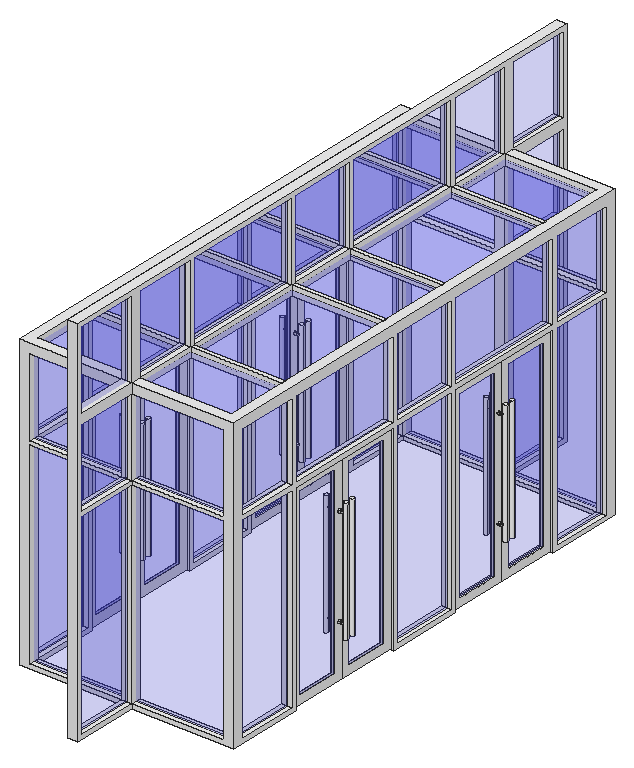
Revit family
Parameters (values of type "Vestibule-2")
  핸들 = 상자 핸들
  프레임 = ""
  2프레임 = 상자 프레임
  모서리 = 상자 모서리
  철물 = ""
  Assembly Code = ""
  유리/마감 = ""
  유리 = 상자 유리
  위치/개소 = ""
  부호 = "2/AD"
  문번호 = "2"
  문기호 = "AD"
Reference planes
  plane 1 "중심(앞/뒤)": y = -200
  plane 2: z = 0
  plane 3 "중심(왼쪽/오른쪽)": x = 96.47
  plane 4: x = -1506.53
  plane 5: z = 5500
  plane 6: x = -1506.53
  plane 7: x = -1300.224
  plane 8: y = 3300
  plane 9: y = -3700.179
  plane 10: z = 60
  plane 11: z = 2940
  plane 12: z = 3000
  plane 13: z = 4145
  plane 14: z = 4295
  plane 15: z = 5440
  plane 16: z = 2020
  plane 17: z = 1960
  plane 18: y = 3150
  plane 19: x = -1403.377
  plane 20: x = -1328.377
  plane 21: x = -1478.377
  plane 22: x = -1390.877
  plane 23: x = -1415.877
  plane 24: y = -3549.948
  plane 25: y = 2167
  plane 26: y = 367
  plane 27: y = -2567
  plane 28: y = -767
  plane 29: x = 1699.47
  plane 30: x = 126.47
  plane 31: x = 66.47
  plane 32: y = 3225
  plane 33: y = 3237.5
  plane 34: y = 3212.5
  plane 35: z = 980
  plane 36: z = 1040
  plane 37: y = 4300
  plane 38: y = -4700
  plane 39: x = 1596.317
  plane 40: x = 1671.317
  plane 41: x = 1521.317
  plane 42: x = 1608.817
  plane 43: x = 1583.817
  plane 44: y = 4240
  plane 45: y = -3637.563
  plane 46: y = -3612.563
  plane 47: y = -3625.063
  plane 48: z = 5470
  plane 49: z = 4220
  plane 50: z = 2970
  plane 51: y = -707.421
  plane 52: y = -1667
  plane 53: y = -1607
  plane 54: y = -1727
  plane 55: y = -1607
  plane 56: y = -1726.85
  plane 57: x = 21.47
  plane 58: x = 171.47
  plane 59: z = 5800
  plane 60: y = -5000
  plane 61: z = -300
  plane 62: y = 4600
Forms (mm)
  Extrusion 1, solid, material "상자 프레임" <- "2프레임"
    sketch origin (0, -15, 0) x (1, 0, 0) y (0, 1, 0)
      loop
        line (-1478.377, 3165) -> (-1328.377, 3165) -> (-1328.377, 3315.295) -> (-1478.377, 3315.295) -> (-1478.377, 3165)
      loop
        line (-1478.377, 324.421) -> (-1328.377, 324.421) -> (-1328.377, 382) -> (-1478.377, 382) -> (-1478.377, 324.421)
      loop
        line (-1478.377, 2182) -> (-1328.377, 2182) -> (-1328.377, 2242) -> (-1478.377, 2242) -> (-1478.377, 2182)
    from 0 to 4145
  Extrusion 2, solid, material "상자 프레임" <- "2프레임"
    sketch origin (0, 0, 0) x (1, 0, 0) y (0, 1, 0)
      loop
        line (-1478.377, 3300.295) -> (-1478.377, 2167) -> (-1328.377, 2167) -> (-1328.377, 3300.295) -> (-1478.377, 3300.295)
      loop
        line (-1478.377, -707.421) -> (-1328.377, -707.421) -> (-1328.377, 367) -> (-1478.377, 367) -> (-1478.377, -707.421)
    from 0 to 60
  Extrusion 3, solid, material "상자 프레임" <- "2프레임"
    sketch origin (0, 0, 0) x (1, 0, 0) y (0, 1, 0)
      loop
        line (-1478.377, 3300) -> (-1478.377, -3549.948) -> (-1328.377, -3549.948) -> (-1328.377, 3300) -> (-1478.377, 3300)
    from 2940 to 3000
  Extrusion 4, solid, material "상자 프레임" <- "2프레임"
    sketch origin (0, 0, 0) x (1, 0, 0) y (0, 1, 0)
      loop
        line (-1478.377, 3300) -> (-1478.377, -3549.948) -> (-1328.377, -3549.948) -> (-1328.377, 3300) -> (-1478.377, 3300)
    from 4144.993 to 4295
  Extrusion 5, solid, material "상자 유리" <- "유리"
    sketch origin (0, 0, 0) x (1, 0, 0) y (0, 1, 0)
      loop
        line (-1415.877, 2227) -> (-1390.877, 2227) -> (-1390.877, 3150) -> (-1415.877, 3150) -> (-1415.877, 2227)
      loop
        line (-1415.877, -707.421) -> (-1390.877, -707.421) -> (-1390.877, 309.421) -> (-1415.877, 309.421) -> (-1415.877, -707.421)
    from 60 to 2940
  Extrusion 6, solid, material "상자 유리" <- "유리"
    sketch origin (0, -920, 0) x (1, 0, 0) y (0, 1, 0)
      loop
        line (-1415.877, 1287) -> (-1390.877, 1287) -> (-1390.877, 2187.145) -> (-1415.877, 2187.145) -> (-1415.877, 1287)
    from 0 to 2940
  Extrusion 7, solid, material "상자 유리" <- "유리"
    sketch origin (0, -49.855, 0) x (1, 0, 0) y (0, 1, 0)
      loop
        line (-1415.877, 1317) -> (-1390.877, 1317) -> (-1390.877, 2217.145) -> (-1415.877, 2217.145) -> (-1415.877, 1317)
    from 0 to 2940
  Extrusion 8, solid, material "상자 유리" <- "유리"
    sketch origin (0, 0, 0) x (1, 0, 0) y (0, 1, 0)
      loop
        line (-1415.877, 2227) -> (-1390.877, 2227) -> (-1390.877, 3150) -> (-1415.877, 3150) -> (-1415.877, 2227)
      loop
        line (-1415.877, 367) -> (-1390.877, 367) -> (-1390.877, 2167) -> (-1415.877, 2167) -> (-1415.877, 367)
      loop
        line (-1415.877, -707.421) -> (-1390.877, -707.421) -> (-1390.877, 309.421) -> (-1415.877, 309.421) -> (-1415.877, -707.421)
    from 3000 to 4145
  Extrusion 9, solid, material "상자 핸들" <- "핸들"
    sketch origin (-1328.377, 3825.814, 34.492) x (0, -1, 0) y (0, 0, -1)
      loop
        circle (2493.69, -760.508) r 15
    from -47.5 to 0
  Extrusion 10, solid, material "상자 핸들" <- "핸들"
    sketch origin (-1328.377, 3704.125, 34.492) x (0, -1, 0) y (0, 0, -1)
      loop
        circle (2493.69, -760.508) r 15
    from -47.5 to 0
  Sweep 11, solid, material "상자 모서리" <- "모서리"
    path origin (-1390.877, 1455, 0) x (0, 1, 0) y (0, 0, 1)
      loop
        line (-1088, 0) -> (-187.855, 0) -> (-187.855, 2940) -> (-1088, 2940) -> (-1088, 0)
    profile origin (-1390.877, 367, 1470) x (0, -1, 0) y (1, 0, 0)
      loop
        line (0, 0) -> (0, 15) -> (-120, 15) -> (-120, 0) -> (0, 0)
  Sweep 12, solid, material "상자 모서리" <- "모서리"
    path origin (-1430.877, 550, 0) x (0, 1, 0) y (0, 0, 1)
      loop
        line (-183, 0) -> (717.145, 0) -> (717.145, 2940) -> (-183, 2940) -> (-183, 0)
    profile origin (-1430.877, 367, 1470) x (0, -1, 0) y (1, 0, 0)
      loop
        line (0, 0) -> (0, 15) -> (-120, 15) -> (-120, 0) -> (0, 0)
  Sweep 13, solid, material "상자 모서리" <- "모서리"
    path origin (-1430.877, 1450.145, 0) x (0, 1, 0) y (0, 0, 1)
      loop
        line (-183, 0) -> (717.145, 0) -> (717.145, 2940) -> (-183, 2940) -> (-183, 0)
    profile origin (-1430.877, 1267.145, 1470) x (0, -1, 0) y (1, 0, 0)
      loop
        line (0, 0) -> (0, 15) -> (-120, 15) -> (-120, 0) -> (0, 0)
  Sweep 14, solid, material "상자 모서리" <- "모서리"
    path origin (-1390.877, 1450.145, 0) x (0, 1, 0) y (0, 0, 1)
      loop
        line (-183, 0) -> (717.145, 0) -> (717.145, 2940) -> (-183, 2940) -> (-183, 0)
    profile origin (-1390.877, 1267.145, 1470) x (0, -1, 0) y (1, 0, 0)
      loop
        line (0, 0) -> (0, 15) -> (-120, 15) -> (-120, 0) -> (0, 0)
  Blend 15, solid, material "상자 핸들" <- "핸들"
    base sketch origin (-1328.377, 3732.435, -1440) x (0, -1, 0) y (0, 0, -1)
      loop
        circle (2522, -2235) r 15
    top sketch origin (-1328.377, 3732.435, -1440) x (0, -1, 0) y (0, 0, -1)
      loop
        circle (2522, -2235) r 10
    from 0 to 40
  Blend 16, solid, material "상자 핸들" <- "핸들"
    base sketch origin (-1328.377, 3854.125, -1440) x (0, -1, 0) y (0, 0, -1)
      loop
        circle (2522, -2235) r 15
    top sketch origin (-1328.377, 3854.125, -1440) x (0, -1, 0) y (0, 0, -1)
      loop
        circle (2522, -2235) r 10
    from 0 to 40
  Extrusion 17, solid, material "상자 핸들" <- "핸들"
    sketch origin (0, 54.125, 0) x (1, 0, 0) y (0, 1, 0)
      loop
        circle (-1260.012, 1278) r 30
    from 600 to 2400
  Extrusion 18, solid, material "상자 핸들" <- "핸들"
    sketch origin (0, -67.51, 0) x (1, 0, 0) y (0, 1, 0)
      loop
        circle (-1260.012, 1278) r 30
    from 600 to 2400
  Extrusion 19, solid, material "상자 핸들" <- "핸들"
    sketch origin (-1478.377, 4825.814, 1474.492) x (0, -1, 0) y (0, 0, 1)
      loop
        circle (3493.69, 780.508) r 15
    from -47.5 to 0
  Extrusion 20, solid, material "상자 핸들" <- "핸들"
    sketch origin (-1478.377, 4704.125, 1474.492) x (0, -1, 0) y (0, 0, 1)
      loop
        circle (3493.69, 780.508) r 15
    from -47.5 to 0
  Blend 21, solid, material "상자 핸들" <- "핸들"
    base sketch origin (-1478.377, 4854.125, 0) x (0, -1, 0) y (0, 0, 1)
      loop
        circle (3522, 2255) r 15
    top sketch origin (-1478.377, 4854.125, 0) x (0, -1, 0) y (0, 0, 1)
      loop
        circle (3522, 2255) r 10
    from 0 to 40
  Blend 22, solid, material "상자 핸들" <- "핸들"
    base sketch origin (-1478.377, 4732.435, 0) x (0, -1, 0) y (0, 0, 1)
      loop
        circle (3522, 2255) r 15
    top sketch origin (-1478.377, 4732.435, 0) x (0, -1, 0) y (0, 0, 1)
      loop
        circle (3522, 2255) r 10
    from 0 to 40
  Extrusion 23, solid, material "상자 핸들" <- "핸들"
    sketch origin (-2806.754, 54.125, 0) x (-1, 0, 0) y (0, -1, 0)
      loop
        circle (-1260.012, -1278) r 30
    from 600 to 2400
  Extrusion 24, solid, material "상자 핸들" <- "핸들"
    sketch origin (-2806.754, -67.51, 0) x (-1, 0, 0) y (0, -1, 0)
      loop
        circle (-1260.012, -1278) r 30
    from 600 to 2400
  Extrusion 25, solid, material "상자 핸들" <- "핸들"
    sketch origin (-1478.377, 4825.814, 34.492) x (0, -1, 0) y (0, 0, 1)
      loop
        circle (3493.69, 760.508) r 15
    from -47.5 to 0
  Extrusion 26, solid, material "상자 핸들" <- "핸들"
    sketch origin (-1478.377, 4704.125, 34.492) x (0, -1, 0) y (0, 0, 1)
      loop
        circle (3493.69, 760.508) r 15
    from -47.5 to 0
  Blend 27, solid, material "상자 핸들" <- "핸들"
    base sketch origin (-1478.377, 4732.435, -1440) x (0, -1, 0) y (0, 0, 1)
      loop
        circle (3522, 2235) r 15
    top sketch origin (-1478.377, 4732.435, -1440) x (0, -1, 0) y (0, 0, 1)
      loop
        circle (3522, 2235) r 10
    from 0 to 40
  Blend 28, solid, material "상자 핸들" <- "핸들"
    base sketch origin (-1478.377, 4854.125, -1440) x (0, -1, 0) y (0, 0, 1)
      loop
        circle (3522, 2235) r 15
    top sketch origin (-1478.377, 4854.125, -1440) x (0, -1, 0) y (0, 0, 1)
      loop
        circle (3522, 2235) r 10
    from 0 to 40
  Extrusion 29, solid, material "상자 프레임" <- "2프레임"
    sketch origin (0, 15, 0) x (1, 0, 0) y (0, 1, 0)
      loop
        line (-1478.377, -3564.948) -> (-1478.377, -3715.474) -> (-1328.377, -3715.474) -> (-1328.377, -3564.948) -> (-1478.377, -3564.948)
      loop
        line (-1478.377, -2582) -> (-1478.377, -2642) -> (-1328.377, -2642) -> (-1328.377, -2582) -> (-1478.377, -2582)
      loop
        line (-1478.377, -722.421) -> (-1478.377, -782) -> (-1328.377, -782) -> (-1328.377, -722.421) -> (-1478.377, -722.421)
    from 0 to 4295
  Extrusion 30, solid, material "상자 프레임" <- "2프레임"
    sketch origin (0, 0, 0) x (1, 0, 0) y (0, 1, 0)
      loop
        line (-1478.377, -3700.474) -> (-1328.377, -3700.474) -> (-1328.377, -2627) -> (-1478.377, -2627) -> (-1478.377, -3700.474)
    from 0 to 60
  Extrusion 31, solid, material "상자 유리" <- "유리"
    sketch origin (0, 0, 0) x (1, 0, 0) y (0, 1, 0)
      loop
        line (-1415.877, -2627) -> (-1415.877, -3549.948) -> (-1390.877, -3549.948) -> (-1390.877, -2627) -> (-1415.877, -2627)
    from 60 to 2940
  Extrusion 32, solid, material "상자 유리" <- "유리"
    sketch origin (0, 520.295, 0) x (1, 0, 0) y (0, 1, 0)
      loop
        line (-1415.877, -1287) -> (-1415.877, -2187.295) -> (-1390.877, -2187.295) -> (-1390.877, -1287) -> (-1415.877, -1287)
    from 0 to 2940
  Extrusion 33, solid, material "상자 유리" <- "유리"
    sketch origin (0, -349.85, 0) x (1, 0, 0) y (0, 1, 0)
      loop
        line (-1415.877, -1317.15) -> (-1415.877, -2217.145) -> (-1390.877, -2217.145) -> (-1390.877, -1317.15) -> (-1415.877, -1317.15)
    from 0 to 2940
  Extrusion 34, solid, material "상자 유리" <- "유리"
    sketch origin (0, 0, 0) x (1, 0, 0) y (0, 1, 0)
      loop
        line (-1415.877, -2627) -> (-1415.877, -3549.948) -> (-1390.877, -3549.948) -> (-1390.877, -2627) -> (-1415.877, -2627)
      loop
        line (-1415.877, -766.705) -> (-1415.877, -2566.995) -> (-1390.877, -2566.995) -> (-1390.877, -766.705) -> (-1415.877, -766.705)
    from 3000 to 4145
  Extrusion 35, solid, material "상자 핸들" <- "핸들"
    sketch origin (-1328.377, -5411.69, -34.492) x (0, 1, 0) y (0, 0, 1)
      loop
        circle (3683.54, 829.492) r 15
    from -47.5 to 0
  Extrusion 36, solid, material "상자 핸들" <- "핸들"
    sketch origin (-1328.377, -5411.69, -1474.492) x (0, 1, 0) y (0, 0, 1)
      loop
        circle (3683.54, 3729.492) r 15
    from -47.5 to 0
  Extrusion 37, solid, material "상자 핸들" <- "핸들"
    sketch origin (-1328.377, -5290, -34.492) x (0, 1, 0) y (0, 0, 1)
      loop
        circle (3683.055, 829.492) r 15
    from -47.5 to 0
  Extrusion 38, solid, material "상자 핸들" <- "핸들"
    sketch origin (-1328.377, -5290, -1474.492) x (0, 1, 0) y (0, 0, 1)
      loop
        circle (3683.055, 3729.492) r 15
    from -47.5 to 0
  Sweep 39, solid, material "상자 모서리" <- "모서리"
    path origin (-1390.877, -399.41, 0) x (0, -1, 0) y (0, 0, -1)
      loop
        line (367.295, 0) -> (367.295, -2940) -> (1267.59, -2940) -> (1267.59, 0) -> (367.295, 0)
    profile origin (-1390.877, -766.705, 1470) x (0, -1, 0) y (1, 0, 0)
      loop
        line (0, 0) -> (120, 0) -> (120, 15) -> (0, 15) -> (0, 0)
  Sweep 40, solid, material "상자 모서리" <- "모서리"
    path origin (-1430.877, -949.705, 0) x (0, -1, 0) y (0, 0, -1)
      loop
        line (-183, 0) -> (-183, -2940) -> (717.295, -2940) -> (717.295, 0) -> (-183, 0)
    profile origin (-1430.877, -766.705, 1470) x (0, -1, 0) y (1, 0, 0)
      loop
        line (0, 0) -> (120, 0) -> (120, 15) -> (0, 15) -> (0, 0)
  Sweep 41, solid, material "상자 모서리" <- "모서리"
    path origin (-1430.877, -1849.85, 0) x (0, -1, 0) y (0, 0, -1)
      loop
        line (-182.85, 0) -> (-182.85, -2940) -> (717.145, -2940) -> (717.145, 0) -> (-182.85, 0)
    profile origin (-1430.877, -1667, 1470) x (0, -1, 0) y (1, 0, 0)
      loop
        line (0, 0) -> (120, 0) -> (120, 15) -> (0, 15) -> (0, 0)
  Sweep 42, solid, material "상자 모서리" <- "모서리"
    path origin (-1390.877, -1849.85, 0) x (0, -1, 0) y (0, 0, -1)
      loop
        line (-182.85, 0) -> (-182.85, -2940) -> (717.145, -2940) -> (717.145, 0) -> (-182.85, 0)
    profile origin (-1390.877, -1667, 1470) x (0, -1, 0) y (1, 0, 0)
      loop
        line (0, 0) -> (120, 0) -> (120, 15) -> (0, 15) -> (0, 0)
  Blend 43, solid, material "상자 핸들" <- "핸들"
    base sketch origin (-1328.377, -5440, 0) x (0, 1, 0) y (0, 0, 1)
      loop
        circle (3711.85, 2255) r 15
    top sketch origin (-1328.377, -5440, 0) x (0, 1, 0) y (0, 0, 1)
      loop
        circle (3711.85, 2255) r 10
    from 0 to 40
  Blend 44, solid, material "상자 핸들" <- "핸들"
    base sketch origin (-1328.377, -5318.31, 0) x (0, 1, 0) y (0, 0, 1)
      loop
        circle (3711.366, 2255) r 15
    top sketch origin (-1328.377, -5318.31, 0) x (0, 1, 0) y (0, 0, 1)
      loop
        circle (3711.366, 2255) r 10
    from 0 to 40
  Blend 45, solid, material "상자 핸들" <- "핸들"
    base sketch origin (-1328.377, -5318.31, 1440) x (0, 1, 0) y (0, 0, 1)
      loop
        circle (3711.366, -645) r 15
    top sketch origin (-1328.377, -5318.31, 1440) x (0, 1, 0) y (0, 0, 1)
      loop
        circle (3711.366, -645) r 10
    from 0 to 40
  Blend 46, solid, material "상자 핸들" <- "핸들"
    base sketch origin (-1328.377, -5440, 1440) x (0, 1, 0) y (0, 0, 1)
      loop
        circle (3711.85, -645) r 15
    top sketch origin (-1328.377, -5440, 1440) x (0, 1, 0) y (0, 0, 1)
      loop
        circle (3711.85, -645) r 10
    from 0 to 40
  Extrusion 47, solid, material "상자 핸들" <- "핸들"
    sketch origin (0, -234, 0) x (1, 0, 0) y (0, 1, 0)
      loop
        circle (-1260.012, -1493) r 30
    from 600 to 2400
  Extrusion 48, solid, material "상자 핸들" <- "핸들"
    sketch origin (0, -114, 0) x (1, 0, 0) y (0, 1, 0)
      loop
        circle (-1260.012, -1493) r 30
    from 600 to 2400
  Extrusion 49, solid, material "상자 핸들" <- "핸들"
    sketch origin (-1478.377, -5011.69, 1474.492) x (0, 1, 0) y (0, 0, -1)
      loop
        circle (3283.54, -780.508) r 15
    from -47.5 to 0
  Extrusion 50, solid, material "상자 핸들" <- "핸들"
    sketch origin (-1478.377, -4890, 1474.492) x (0, 1, 0) y (0, 0, -1)
      loop
        circle (3283.055, -780.508) r 15
    from -47.5 to 0
  Blend 51, solid, material "상자 핸들" <- "핸들"
    base sketch origin (-1478.377, -5040, 0) x (0, 1, 0) y (0, 0, -1)
      loop
        circle (3311.85, -2255) r 15
    top sketch origin (-1478.377, -5040, 0) x (0, 1, 0) y (0, 0, -1)
      loop
        circle (3311.85, -2255) r 10
    from 0 to 40
  Blend 52, solid, material "상자 핸들" <- "핸들"
    base sketch origin (-1478.377, -4918.31, 0) x (0, 1, 0) y (0, 0, -1)
      loop
        circle (3311.366, -2255) r 15
    top sketch origin (-1478.377, -4918.31, 0) x (0, 1, 0) y (0, 0, -1)
      loop
        circle (3311.366, -2255) r 10
    from 0 to 40
  Extrusion 53, solid, material "상자 핸들" <- "핸들"
    sketch origin (-2806.754, -240, 0) x (-1, 0, 0) y (0, -1, 0)
      loop
        circle (-1260.012, 1488.15) r 30
    from 600 to 2400
  Extrusion 54, solid, material "상자 핸들" <- "핸들"
    sketch origin (-2806.754, -118.366, 0) x (-1, 0, 0) y (0, -1, 0)
      loop
        circle (-1260.012, 1488.634) r 30
    from 600 to 2400
  Extrusion 55, solid, material "상자 핸들" <- "핸들"
    sketch origin (-1478.377, -5011.69, 34.492) x (0, 1, 0) y (0, 0, -1)
      loop
        circle (3283.54, -760.508) r 15
    from -47.5 to 0
  Extrusion 56, solid, material "상자 핸들" <- "핸들"
    sketch origin (-1478.377, -4890, 34.492) x (0, 1, 0) y (0, 0, -1)
      loop
        circle (3283.055, -760.508) r 15
    from -47.5 to 0
  Blend 57, solid, material "상자 핸들" <- "핸들"
    base sketch origin (-1478.377, -4918.31, -1440) x (0, 1, 0) y (0, 0, -1)
      loop
        circle (3311.366, -2235) r 15
    top sketch origin (-1478.377, -4918.31, -1440) x (0, 1, 0) y (0, 0, -1)
      loop
        circle (3311.366, -2235) r 10
    from 0 to 40
  Blend 58, solid, material "상자 핸들" <- "핸들"
    base sketch origin (-1478.377, -5040, -1440) x (0, 1, 0) y (0, 0, -1)
      loop
        circle (3311.85, -2235) r 15
    top sketch origin (-1478.377, -5040, -1440) x (0, 1, 0) y (0, 0, -1)
      loop
        circle (3311.85, -2235) r 10
    from 0 to 40
  Extrusion 59, solid, material "상자 프레임" <- "2프레임"
    sketch origin (192.94, -15, 0) x (-1, 0, 0) y (0, -1, 0)
      loop
        line (-1478.377, -3165) -> (-1478.377, -3315.295) -> (-1328.377, -3315.295) -> (-1328.377, -3165) -> (-1478.377, -3165)
      loop
        line (-1478.377, -324.421) -> (-1478.377, -382) -> (-1328.377, -382) -> (-1328.377, -324.421) -> (-1478.377, -324.421)
      loop
        line (-1478.377, -2182) -> (-1478.377, -2242) -> (-1328.377, -2242) -> (-1328.377, -2182) -> (-1478.377, -2182)
    from 0 to 4220
  Extrusion 60, solid, material "상자 프레임" <- "2프레임"
    sketch origin (192.94, 0, 0) x (-1, 0, 0) y (0, -1, 0)
      loop
        line (-1478.377, -3300.295) -> (-1328.377, -3300.295) -> (-1328.377, -2167) -> (-1478.377, -2167) -> (-1478.377, -3300.295)
      loop
        line (-1478.377, 707.421) -> (-1478.377, -367) -> (-1328.377, -367) -> (-1328.377, 707.421) -> (-1478.377, 707.421)
    from 0 to 60
  Extrusion 61, solid, material "상자 프레임" <- "2프레임"
    sketch origin (192.94, 0, 0) x (-1, 0, 0) y (0, -1, 0)
      loop
        line (-1478.377, -3300) -> (-1328.377, -3300) -> (-1328.377, 3549.948) -> (-1478.377, 3549.948) -> (-1478.377, -3300)
    from 2940 to 3000
  Extrusion 62, solid, material "상자 프레임" <- "2프레임"
    sketch origin (192.94, 0, 0) x (-1, 0, 0) y (0, -1, 0)
      loop
        line (-1478.377, -3300) -> (-1328.377, -3300) -> (-1328.377, 3549.948) -> (-1478.377, 3549.948) -> (-1478.377, -3300)
    from 4145 to 4295
  Extrusion 63, solid, material "상자 프레임" <- "2프레임"
    sketch origin (-1306.907, 0, 0) x (-1, 0, 0) y (0, -1, 0)
      loop
        line (-1478.377, -3300) -> (-1328.377, -3300) -> (-1328.377, 3549.948) -> (-1478.377, 3549.948) -> (-1478.377, -3300)
    from 5440 to 5500
  Extrusion 64, solid, material "상자 유리" <- "유리"
    sketch origin (192.94, 0, 0) x (-1, 0, 0) y (0, -1, 0)
      loop
        line (-1415.877, -2227) -> (-1415.877, -3150) -> (-1390.877, -3150) -> (-1390.877, -2227) -> (-1415.877, -2227)
      loop
        line (-1415.877, 707.421) -> (-1415.877, -309.421) -> (-1390.877, -309.421) -> (-1390.877, 707.421) -> (-1415.877, 707.421)
    from 60 to 2940
  Extrusion 65, solid, material "상자 유리" <- "유리"
    sketch origin (192.94, -920, 0) x (-1, 0, 0) y (0, -1, 0)
      loop
        line (-1415.877, -1287) -> (-1415.877, -2187.145) -> (-1390.877, -2187.145) -> (-1390.877, -1287) -> (-1415.877, -1287)
    from 0 to 2940
  Extrusion 66, solid, material "상자 유리" <- "유리"
    sketch origin (192.94, -49.855, 0) x (-1, 0, 0) y (0, -1, 0)
      loop
        line (-1415.877, -1317) -> (-1415.877, -2217.145) -> (-1390.877, -2217.145) -> (-1390.877, -1317) -> (-1415.877, -1317)
    from 0 to 2940
  Extrusion 67, solid, material "상자 유리" <- "유리"
    sketch origin (192.94, 0, 0) x (-1, 0, 0) y (0, -1, 0)
      loop
        line (-1415.877, -2227) -> (-1415.877, -3150) -> (-1390.877, -3150) -> (-1390.877, -2227) -> (-1415.877, -2227)
      loop
        line (-1415.877, -367) -> (-1415.877, -2167) -> (-1390.877, -2167) -> (-1390.877, -367) -> (-1415.877, -367)
      loop
        line (-1415.877, 707.421) -> (-1415.877, -309.421) -> (-1390.877, -309.421) -> (-1390.877, 707.421) -> (-1415.877, 707.421)
    from 3000 to 4145
  Extrusion 68, solid, material "상자 유리" <- "유리"
    sketch origin (-1306.907, 0, 0) x (-1, 0, 0) y (0, -1, 0)
      loop
        line (-1415.877, -2227) -> (-1415.877, -3150) -> (-1390.877, -3150) -> (-1390.877, -2227) -> (-1415.877, -2227)
      loop
        line (-1415.877, -367) -> (-1415.877, -2167) -> (-1390.877, -2167) -> (-1390.877, -367) -> (-1415.877, -367)
      loop
        line (-1415.877, 707.421) -> (-1415.877, -309.421) -> (-1390.877, -309.421) -> (-1390.877, 707.421) -> (-1415.877, 707.421)
    from 4295 to 5440
  Sweep 69, solid, material "상자 모서리" <- "모서리"
    path origin (83.97, 322, -125) x (0, 1, 0) y (0, 0, -1)
      loop
        line (45, -125) -> (45, -3065) -> (945.145, -3065) -> (945.145, -125) -> (45, -125)
    profile origin (83.97, 367, 1470) x (0, 1, 0) y (-1, 0, 0)
      loop
        line (0, -1499.847) -> (120, -1499.847) -> (120, -1484.847) -> (0, -1484.847) -> (0, -1499.847)
  Sweep 70, solid, material "상자 모서리" <- "모서리"
    path origin (1623.817, 550, 0) x (0, 1, 0) y (0, 0, -1)
      loop
        line (-183, 0) -> (-183, -2940) -> (717.145, -2940) -> (717.145, 0) -> (-183, 0)
    profile origin (1623.817, 367, 1470) x (0, 1, 0) y (-1, 0, 0)
      loop
        line (0, 0) -> (120, 0) -> (120, 15) -> (0, 15) -> (0, 0)
  Sweep 71, solid, material "상자 모서리" <- "모서리"
    path origin (1623.817, 1450.145, 0) x (0, 1, 0) y (0, 0, -1)
      loop
        line (-183, 0) -> (-183, -2940) -> (717.145, -2940) -> (717.145, 0) -> (-183, 0)
    profile origin (1623.817, 1267.145, 1470) x (0, 1, 0) y (-1, 0, 0)
      loop
        line (0, 0) -> (120, 0) -> (120, 15) -> (0, 15) -> (0, 0)
  Sweep 72, solid, material "상자 모서리" <- "모서리"
    path origin (1583.817, 1450.145, 0) x (0, 1, 0) y (0, 0, -1)
      loop
        line (-183, 0) -> (-183, -2940) -> (717.145, -2940) -> (717.145, 0) -> (-183, 0)
    profile origin (1583.817, 1267.145, 1470) x (0, 1, 0) y (-1, 0, 0)
      loop
        line (0, 0) -> (120, 0) -> (120, 15) -> (0, 15) -> (0, 0)
  Extrusion 73, solid, material "상자 핸들" <- "핸들"
    sketch origin (192.94, 54.125, 0) x (-1, 0, 0) y (0, -1, 0)
      loop
        circle (-1260.012, -1278) r 30
    from 600 to 2400
  Extrusion 74, solid, material "상자 핸들" <- "핸들"
    sketch origin (192.94, -67.51, 0) x (-1, 0, 0) y (0, -1, 0)
      loop
        circle (-1260.012, -1278) r 30
    from 600 to 2400
  Extrusion 75, solid, material "상자 핸들" <- "핸들"
    sketch origin (1671.317, 4825.814, 1474.492) x (0, -1, 0) y (0, 0, -1)
      loop
        circle (3493.69, -780.508) r 15
    from -47.5 to 0
  Extrusion 76, solid, material "상자 핸들" <- "핸들"
    sketch origin (1671.317, 4704.125, 1474.492) x (0, -1, 0) y (0, 0, -1)
      loop
        circle (3493.69, -780.508) r 15
    from -47.5 to 0
  Blend 77, solid, material "상자 핸들" <- "핸들"
    base sketch origin (1671.317, 4854.125, 0) x (0, -1, 0) y (0, 0, -1)
      loop
        circle (3522, -2255) r 15
    top sketch origin (1671.317, 4854.125, 0) x (0, -1, 0) y (0, 0, -1)
      loop
        circle (3522, -2255) r 10
    from 0 to 40
  Blend 78, solid, material "상자 핸들" <- "핸들"
    base sketch origin (1671.317, 4732.435, 0) x (0, -1, 0) y (0, 0, -1)
      loop
        circle (3522, -2255) r 15
    top sketch origin (1671.317, 4732.435, 0) x (0, -1, 0) y (0, 0, -1)
      loop
        circle (3522, -2255) r 10
    from 0 to 40
  Extrusion 79, solid, material "상자 핸들" <- "핸들"
    sketch origin (2999.694, 54.125, 0) x (1, 0, 0) y (0, 1, 0)
      loop
        circle (-1260.012, 1278) r 30
    from 600 to 2400
  Extrusion 80, solid, material "상자 핸들" <- "핸들"
    sketch origin (2999.694, -67.51, 0) x (1, 0, 0) y (0, 1, 0)
      loop
        circle (-1260.012, 1278) r 30
    from 600 to 2400
  Extrusion 81, solid, material "상자 핸들" <- "핸들"
    sketch origin (1671.317, 4825.814, 34.492) x (0, -1, 0) y (0, 0, -1)
      loop
        circle (3493.69, -760.508) r 15
    from -47.5 to 0
  Extrusion 82, solid, material "상자 핸들" <- "핸들"
    sketch origin (1671.317, 4704.125, 34.492) x (0, -1, 0) y (0, 0, -1)
      loop
        circle (3493.69, -760.508) r 15
    from -47.5 to 0
  Blend 83, solid, material "상자 핸들" <- "핸들"
    base sketch origin (1671.317, 4732.435, -1440) x (0, -1, 0) y (0, 0, -1)
      loop
        circle (3522, -2235) r 15
    top sketch origin (1671.317, 4732.435, -1440) x (0, -1, 0) y (0, 0, -1)
      loop
        circle (3522, -2235) r 10
    from 0 to 40
  Blend 84, solid, material "상자 핸들" <- "핸들"
    base sketch origin (1671.317, 4854.125, -1440) x (0, -1, 0) y (0, 0, -1)
      loop
        circle (3522, -2235) r 15
    top sketch origin (1671.317, 4854.125, -1440) x (0, -1, 0) y (0, 0, -1)
      loop
        circle (3522, -2235) r 10
    from 0 to 40
  Extrusion 85, solid, material "상자 프레임" <- "2프레임"
    sketch origin (192.94, 15, 0) x (-1, 0, 0) y (0, -1, 0)
      loop
        line (-1478.377, 3564.948) -> (-1328.377, 3564.948) -> (-1328.377, 3715.474) -> (-1478.377, 3715.474) -> (-1478.377, 3564.948)
      loop
        line (-1478.377, 2582) -> (-1328.377, 2582) -> (-1328.377, 2642) -> (-1478.377, 2642) -> (-1478.377, 2582)
      loop
        line (-1478.377, 722.421) -> (-1328.377, 722.421) -> (-1328.377, 782) -> (-1478.377, 782) -> (-1478.377, 722.421)
    from 0 to 4295
  Extrusion 86, solid, material "상자 프레임" <- "2프레임"
    sketch origin (192.94, 0, 0) x (-1, 0, 0) y (0, -1, 0)
      loop
        line (-1478.377, 3700.474) -> (-1478.377, 2627) -> (-1328.377, 2627) -> (-1328.377, 3700.474) -> (-1478.377, 3700.474)
    from 0 to 60
  Extrusion 87, solid, material "상자 유리" <- "유리"
    sketch origin (192.94, 0, 0) x (-1, 0, 0) y (0, -1, 0)
      loop
        line (-1415.877, 2627) -> (-1390.877, 2627) -> (-1390.877, 3549.948) -> (-1415.877, 3549.948) -> (-1415.877, 2627)
    from 60 to 2940
  Extrusion 88, solid, material "상자 유리" <- "유리"
    sketch origin (192.94, 520.295, 0) x (-1, 0, 0) y (0, -1, 0)
      loop
        line (-1415.877, 1287) -> (-1390.877, 1287) -> (-1390.877, 2187.295) -> (-1415.877, 2187.295) -> (-1415.877, 1287)
    from 0 to 2940
  Extrusion 89, solid, material "상자 유리" <- "유리"
    sketch origin (192.94, -349.85, 0) x (-1, 0, 0) y (0, -1, 0)
      loop
        line (-1415.877, 1317.15) -> (-1390.877, 1317.15) -> (-1390.877, 2217.145) -> (-1415.877, 2217.145) -> (-1415.877, 1317.15)
    from 0 to 2940
  Extrusion 90, solid, material "상자 유리" <- "유리"
    sketch origin (192.94, 0, 0) x (-1, 0, 0) y (0, -1, 0)
      loop
        line (-1415.877, 2627) -> (-1390.877, 2627) -> (-1390.877, 3549.948) -> (-1415.877, 3549.948) -> (-1415.877, 2627)
      loop
        line (-1415.877, 766.705) -> (-1390.877, 766.705) -> (-1390.877, 2566.995) -> (-1415.877, 2566.995) -> (-1415.877, 766.705)
    from 3000 to 4145
  Extrusion 91, solid, material "상자 유리" <- "유리"
    sketch origin (-1306.907, 0, 0) x (-1, 0, 0) y (0, -1, 0)
      loop
        line (-1415.877, 2627) -> (-1390.877, 2627) -> (-1390.877, 3549.948) -> (-1415.877, 3549.948) -> (-1415.877, 2627)
      loop
        line (-1415.877, 766.705) -> (-1390.877, 766.705) -> (-1390.877, 2566.995) -> (-1415.877, 2566.995) -> (-1415.877, 766.705)
    from 4295 to 5440
  Extrusion 92, solid, material "상자 핸들" <- "핸들"
    sketch origin (1521.317, -5406.69, -34.492) x (0, 1, 0) y (0, 0, -1)
      loop
        circle (3678.69, -829.492) r 15
    from -47.5 to 0
  Extrusion 93, solid, material "상자 핸들" <- "핸들"
    sketch origin (1521.317, -5406.69, -1474.492) x (0, 1, 0) y (0, 0, -1)
      loop
        circle (3678.69, -3729.492) r 15
    from -47.5 to 0
  Extrusion 94, solid, material "상자 핸들" <- "핸들"
    sketch origin (1521.317, -5285, -34.492) x (0, 1, 0) y (0, 0, -1)
      loop
        circle (3678.055, -829.492) r 15
    from -47.5 to 0
  Extrusion 95, solid, material "상자 핸들" <- "핸들"
    sketch origin (1521.317, -5285, -1474.492) x (0, 1, 0) y (0, 0, -1)
      loop
        circle (3678.055, -3729.492) r 15
    from -47.5 to 0
  Sweep 96, solid, material "상자 모서리" <- "모서리"
    path origin (83.97, -216.41, -125) x (0, -1, 0) y (0, 0, 1)
      loop
        line (550.295, 125) -> (1450.44, 125) -> (1450.44, 3065) -> (550.295, 3065) -> (550.295, 125)
    profile origin (83.97, -766.705, 1470) x (0, 1, 0) y (-1, 0, 0)
      loop
        line (0, -1499.847) -> (0, -1484.847) -> (-120, -1484.847) -> (-120, -1499.847) -> (0, -1499.847)
  Sweep 97, solid, material "상자 모서리" <- "모서리"
    path origin (1623.817, -949.705, 0) x (0, -1, 0) y (0, 0, 1)
      loop
        line (-183, 0) -> (717.295, 0) -> (717.295, 2940) -> (-183, 2940) -> (-183, 0)
    profile origin (1623.817, -766.705, 1470) x (0, 1, 0) y (-1, 0, 0)
      loop
        line (0, 0) -> (0, 15) -> (-120, 15) -> (-120, 0) -> (0, 0)
  Sweep 98, solid, material "상자 모서리" <- "모서리"
    path origin (1623.817, -1849.85, 0) x (0, -1, 0) y (0, 0, 1)
      loop
        line (-182.85, 0) -> (717.145, 0) -> (717.145, 2940) -> (-182.85, 2940) -> (-182.85, 0)
    profile origin (1623.817, -1667, 1470) x (0, 1, 0) y (-1, 0, 0)
      loop
        line (0, 0) -> (0, 15) -> (-120, 15) -> (-120, 0) -> (0, 0)
  Sweep 99, solid, material "상자 모서리" <- "모서리"
    path origin (1583.817, -1849.85, 0) x (0, -1, 0) y (0, 0, 1)
      loop
        line (-182.85, 0) -> (717.145, 0) -> (717.145, 2940) -> (-182.85, 2940) -> (-182.85, 0)
    profile origin (1583.817, -1667, 1470) x (0, 1, 0) y (-1, 0, 0)
      loop
        line (0, 0) -> (0, 15) -> (-120, 15) -> (-120, 0) -> (0, 0)
  Blend 100, solid, material "상자 핸들" <- "핸들"
    base sketch origin (1521.317, -5435, 0) x (0, 1, 0) y (0, 0, -1)
      loop
        circle (3707, -2255) r 15
    top sketch origin (1521.317, -5435, 0) x (0, 1, 0) y (0, 0, -1)
      loop
        circle (3707, -2255) r 10
    from 0 to 40
  Blend 101, solid, material "상자 핸들" <- "핸들"
    base sketch origin (1521.317, -5313.31, 0) x (0, 1, 0) y (0, 0, -1)
      loop
        circle (3706.366, -2255) r 15
    top sketch origin (1521.317, -5313.31, 0) x (0, 1, 0) y (0, 0, -1)
      loop
        circle (3706.366, -2255) r 10
    from 0 to 40
  Blend 102, solid, material "상자 핸들" <- "핸들"
    base sketch origin (1521.317, -5313.31, 1440) x (0, 1, 0) y (0, 0, -1)
      loop
        circle (3706.366, 645) r 15
    top sketch origin (1521.317, -5313.31, 1440) x (0, 1, 0) y (0, 0, -1)
      loop
        circle (3706.366, 645) r 10
    from 0 to 40
  Blend 103, solid, material "상자 핸들" <- "핸들"
    base sketch origin (1521.317, -5435, 1440) x (0, 1, 0) y (0, 0, -1)
      loop
        circle (3707, 645) r 15
    top sketch origin (1521.317, -5435, 1440) x (0, 1, 0) y (0, 0, -1)
      loop
        circle (3707, 645) r 10
    from 0 to 40
  Extrusion 104, solid, material "상자 핸들" <- "핸들"
    sketch origin (192.94, -233.85, 0) x (-1, 0, 0) y (0, -1, 0)
      loop
        circle (-1260.012, 1493) r 30
    from 600 to 2400
  Extrusion 105, solid, material "상자 핸들" <- "핸들"
    sketch origin (192.94, -114, 0) x (-1, 0, 0) y (0, -1, 0)
      loop
        circle (-1260.012, 1493) r 30
    from 600 to 2400
  Extrusion 106, solid, material "상자 핸들" <- "핸들"
    sketch origin (1671.317, -5006.69, 1474.492) x (0, 1, 0) y (0, 0, 1)
      loop
        circle (3278.69, 780.508) r 15
    from -47.5 to 0
  Extrusion 107, solid, material "상자 핸들" <- "핸들"
    sketch origin (1671.317, -4885, 1474.492) x (0, 1, 0) y (0, 0, 1)
      loop
        circle (3278.055, 780.508) r 15
    from -47.5 to 0
  Blend 108, solid, material "상자 핸들" <- "핸들"
    base sketch origin (1671.317, -5035, 0) x (0, 1, 0) y (0, 0, 1)
      loop
        circle (3307, 2255) r 15
    top sketch origin (1671.317, -5035, 0) x (0, 1, 0) y (0, 0, 1)
      loop
        circle (3307, 2255) r 10
    from 0 to 40
  Blend 109, solid, material "상자 핸들" <- "핸들"
    base sketch origin (1671.317, -4913.31, 0) x (0, 1, 0) y (0, 0, 1)
      loop
        circle (3306.366, 2255) r 15
    top sketch origin (1671.317, -4913.31, 0) x (0, 1, 0) y (0, 0, 1)
      loop
        circle (3306.366, 2255) r 10
    from 0 to 40
  Extrusion 110, solid, material "상자 핸들" <- "핸들"
    sketch origin (2999.694, -235, 0) x (1, 0, 0) y (0, 1, 0)
      loop
        circle (-1260.012, -1493) r 30
    from 600 to 2400
  Extrusion 111, solid, material "상자 핸들" <- "핸들"
    sketch origin (2999.694, -113.366, 0) x (1, 0, 0) y (0, 1, 0)
      loop
        circle (-1260.012, -1493.634) r 30
    from 600 to 2400
  Extrusion 112, solid, material "상자 핸들" <- "핸들"
    sketch origin (1671.317, -5006.69, 34.492) x (0, 1, 0) y (0, 0, 1)
      loop
        circle (3278.69, 760.508) r 15
    from -47.5 to 0
  Extrusion 113, solid, material "상자 핸들" <- "핸들"
    sketch origin (1671.317, -4885, 34.492) x (0, 1, 0) y (0, 0, 1)
      loop
        circle (3278.055, 760.508) r 15
    from -47.5 to 0
  Blend 114, solid, material "상자 핸들" <- "핸들"
    base sketch origin (1671.317, -4913.31, -1440) x (0, 1, 0) y (0, 0, 1)
      loop
        circle (3306.366, 2235) r 15
    top sketch origin (1671.317, -4913.31, -1440) x (0, 1, 0) y (0, 0, 1)
      loop
        circle (3306.366, 2235) r 10
    from 0 to 40
  Blend 115, solid, material "상자 핸들" <- "핸들"
    base sketch origin (1671.317, -5035, -1440) x (0, 1, 0) y (0, 0, 1)
      loop
        circle (3307, 2235) r 15
    top sketch origin (1671.317, -5035, -1440) x (0, 1, 0) y (0, 0, 1)
      loop
        circle (3307, 2235) r 10
    from 0 to 40
  Extrusion 116, solid, material "상자 프레임" <- "2프레임"
    sketch origin (0, 0, 0) x (1, 0, 0) y (0, 1, 0)
      loop
        line (-1328.377, 3150) -> (1521.317, 3150) -> (1521.317, 3300) -> (-1328.377, 3300) -> (-1328.377, 3150)
    from 0 to 60
  Extrusion 117, solid, material "상자 프레임" <- "2프레임"
    sketch origin (0, 0, 0) x (1, 0, 0) y (0, 1, 0)
      loop
        line (-1328.377, 3150) -> (1521.317, 3150) -> (1521.317, 3300) -> (-1328.377, 3300) -> (-1328.377, 3150)
    from 2940 to 3000
  Extrusion 118, solid, material "상자 프레임" <- "2프레임"
    sketch origin (0, 0, 0) x (1, 0, 0) y (0, 1, 0)
      loop
        line (-1328.377, 3150) -> (1521.317, 3150) -> (1521.317, 3300) -> (-1328.377, 3300) -> (-1328.377, 3150)
    from 4145 to 4295
  Extrusion 119, solid, material "상자 프레임" <- "2프레임"
    sketch origin (0, 0, 0) x (1, 0, 0) y (0, 1, 0)
      loop
        line (21.47, 3300) -> (21.47, 3150) -> (171.47, 3150) -> (171.47, 3300) -> (21.47, 3300)
    from 0 to 4220
  Extrusion 120, solid, material "상자 유리" <- "유리"
    sketch origin (0, 0, 0) x (1, 0, 0) y (0, 1, 0)
      loop
        line (-1328.377, 3212.5) -> (21.47, 3212.5) -> (21.47, 3237.5) -> (-1328.377, 3237.5) -> (-1328.377, 3212.5)
      loop
        line (171.47, 3212.5) -> (1521.317, 3212.5) -> (1521.317, 3237.5) -> (171.47, 3237.5) -> (171.47, 3212.5)
    from 60 to 2940
  Extrusion 121, solid, material "상자 유리" <- "유리"
    sketch origin (0, 0, 0) x (1, 0, 0) y (0, 1, 0)
      loop
        line (-1328.377, 3212.5) -> (21.47, 3212.5) -> (21.47, 3237.5) -> (-1328.377, 3237.5) -> (-1328.377, 3212.5)
      loop
        line (171.47, 3212.5) -> (1521.317, 3212.5) -> (1521.317, 3237.5) -> (171.47, 3237.5) -> (171.47, 3212.5)
    from 3000 to 4145
  Extrusion 122, solid, material "상자 프레임" <- "2프레임"
    sketch origin (0, -7850.295, 0) x (1, 0, 0) y (0, 1, 0)
      loop
        line (-1328.377, 4149.821) -> (1521.317, 4149.821) -> (1521.317, 4300.347) -> (-1328.377, 4300.347) -> (-1328.377, 4149.821)
    from 0 to 60
  Extrusion 123, solid, material "상자 프레임" <- "2프레임"
    sketch origin (0, -7850.295, 0) x (1, 0, 0) y (0, 1, 0)
      loop
        line (-1328.377, 4149.821) -> (1521.317, 4149.821) -> (1521.317, 4300.347) -> (-1328.377, 4300.347) -> (-1328.377, 4149.821)
    from 2940 to 3000
  Extrusion 124, solid, material "상자 프레임" <- "2프레임"
    sketch origin (0, -7850.295, 0) x (1, 0, 0) y (0, 1, 0)
      loop
        line (-1328.377, 4149.821) -> (1521.317, 4149.821) -> (1521.317, 4300.347) -> (-1328.377, 4300.347) -> (-1328.377, 4149.821)
    from 4145 to 4295
  Extrusion 125, solid, material "상자 유리" <- "유리"
    sketch origin (0, -7850.295, 0) x (1, 0, 0) y (0, 1, 0)
      loop
        line (-1328.377, 4212.731) -> (21.47, 4212.731) -> (21.47, 4237.731) -> (-1328.377, 4237.731) -> (-1328.377, 4212.731)
      loop
        line (171.47, 4212.731) -> (1521.317, 4212.731) -> (1521.317, 4237.731) -> (171.47, 4237.731) -> (171.47, 4212.731)
    from 60 to 2940
  Extrusion 126, solid, material "상자 유리" <- "유리"
    sketch origin (0, -7850.295, 0) x (1, 0, 0) y (0, 1, 0)
      loop
        line (-1328.377, 4212.731) -> (21.47, 4212.731) -> (21.47, 4237.731) -> (-1328.377, 4237.731) -> (-1328.377, 4212.731)
      loop
        line (171.47, 4212.731) -> (1521.317, 4212.731) -> (1521.317, 4237.731) -> (171.47, 4237.731) -> (171.47, 4212.731)
    from 3000 to 4145
  Extrusion 127, solid, material "상자 프레임" <- "2프레임"
    sketch origin (0, -7850, 0) x (1, 0, 0) y (0, 1, 0)
      loop
        line (21.47, 4300.052) -> (21.47, 4149.821) -> (171.47, 4149.821) -> (171.47, 4300.052) -> (21.47, 4300.052)
    from 0 to 4220
  Extrusion 128, solid, material "상자 프레임" <- "2프레임"
    sketch origin (-1499.847, 0, 0) x (1, 0, 0) y (0, 1, 0)
      loop
        line (1521.317, 4300) -> (1521.317, 3300.295) -> (1671.317, 3300.295) -> (1671.317, 4300) -> (1521.317, 4300)
    from 0 to 60
  Extrusion 129, solid, material "상자 프레임" <- "2프레임"
    sketch origin (-1499.847, 0, 0) x (1, 0, 0) y (0, 1, 0)
      loop
        line (1521.317, 4300) -> (1521.317, 3300.295) -> (1671.317, 3300.295) -> (1671.317, 4300) -> (1521.317, 4300)
    from 2940 to 3000
  Extrusion 130, solid, material "상자 프레임" <- "2프레임"
    sketch origin (-1499.847, 0, 0) x (1, 0, 0) y (0, 1, 0)
      loop
        line (1521.317, 4300) -> (1521.317, 3300.295) -> (1671.317, 3300.295) -> (1671.317, 4300) -> (1521.317, 4300)
    from 4145 to 4295
  Extrusion 131, solid, material "상자 프레임" <- "2프레임"
    sketch origin (-1499.847, 0, 0) x (1, 0, 0) y (0, 1, 0)
      loop
        line (1671.317, 4300) -> (1521.317, 4300) -> (1521.317, 3270.49) -> (1671.317, 3270.49) -> (1671.317, 4300)
    from 5440 to 5500
  Extrusion 132, solid, material "상자 프레임" <- "2프레임"
    sketch origin (-1499.847, 0, 0) x (1, 0, 0) y (0, 1, 0)
      loop
        line (1671.317, 4300) -> (1521.317, 4300) -> (1521.317, 4240) -> (1671.317, 4240) -> (1671.317, 4300)
    from 0 to 5440
  Extrusion 133, solid, material "상자 유리" <- "유리"
    sketch origin (-1499.847, 0, 0) x (1, 0, 0) y (0, 1, 0)
      loop
        line (1583.817, 3300.295) -> (1608.817, 3300.295) -> (1608.817, 4240) -> (1583.817, 4240) -> (1583.817, 3300.295)
    from 60 to 2940
  Extrusion 134, solid, material "상자 유리" <- "유리"
    sketch origin (-1499.847, 0, 0) x (1, 0, 0) y (0, 1, 0)
      loop
        line (1583.817, 3300.295) -> (1608.817, 3300.295) -> (1608.817, 4240) -> (1583.817, 4240) -> (1583.817, 3300.295)
    from 3000 to 4145
  Extrusion 135, solid, material "상자 유리" <- "유리"
    sketch origin (-1499.847, 0, 0) x (1, 0, 0) y (0, 1, 0)
      loop
        line (1583.817, 3300.295) -> (1608.817, 3300.295) -> (1608.817, 4240) -> (1583.817, 4240) -> (1583.817, 3300.295)
    from 4295 to 5440
  Extrusion 136, solid, material "상자 프레임" <- "2프레임"
    sketch origin (-1499.847, -400, 0) x (1, 0, 0) y (0, 1, 0)
      loop
        line (1521.317, -4300) -> (1671.317, -4300) -> (1671.317, -3300.474) -> (1521.317, -3300.474) -> (1521.317, -4300)
    from 0 to 60
  Extrusion 137, solid, material "상자 프레임" <- "2프레임"
    sketch origin (-1499.847, -400, 0) x (1, 0, 0) y (0, 1, 0)
      loop
        line (1521.317, -4300) -> (1671.317, -4300) -> (1671.317, -3300.474) -> (1521.317, -3300.474) -> (1521.317, -4300)
    from 2940 to 3000
  Extrusion 138, solid, material "상자 프레임" <- "2프레임"
    sketch origin (-1499.847, -400, 0) x (1, 0, 0) y (0, 1, 0)
      loop
        line (1521.317, -4300) -> (1671.317, -4300) -> (1671.317, -3300.474) -> (1521.317, -3300.474) -> (1521.317, -4300)
    from 4145 to 4295
  Extrusion 139, solid, material "상자 프레임" <- "2프레임"
    sketch origin (-1499.847, -400, 0) x (1, 0, 0) y (0, 1, 0)
      loop
        line (1521.317, -4300) -> (1671.317, -4300) -> (1671.317, -3149.948) -> (1521.317, -3149.948) -> (1521.317, -4300)
    from 5440 to 5500
  Extrusion 140, solid, material "상자 프레임" <- "2프레임"
    sketch origin (-1499.847, -400, 0) x (1, 0, 0) y (0, 1, 0)
      loop
        line (1671.317, -4300) -> (1671.317, -4240) -> (1521.317, -4240) -> (1521.317, -4300) -> (1671.317, -4300)
    from 0 to 5440
  Extrusion 141, solid, material "상자 유리" <- "유리"
    sketch origin (-1499.847, -400, 0) x (1, 0, 0) y (0, 1, 0)
      loop
        line (1583.817, -3300.474) -> (1583.817, -4240) -> (1608.817, -4240) -> (1608.817, -3300.474) -> (1583.817, -3300.474)
    from 60 to 2940
  Extrusion 142, solid, material "상자 유리" <- "유리"
    sketch origin (-1499.847, -400, 0) x (1, 0, 0) y (0, 1, 0)
      loop
        line (1583.817, -3300.474) -> (1583.817, -4240) -> (1608.817, -4240) -> (1608.817, -3300.474) -> (1583.817, -3300.474)
    from 3000 to 4145
  Extrusion 143, solid, material "상자 유리" <- "유리"
    sketch origin (-1499.847, -400, 0) x (1, 0, 0) y (0, 1, 0)
      loop
        line (1583.817, -3300.474) -> (1583.817, -4240) -> (1608.817, -4240) -> (1608.817, -3300.474) -> (1583.817, -3300.474)
    from 4170 to 5440
  Extrusion 144, solid, material "상자 프레임" <- "2프레임"
    sketch origin (96.47, 0, 0) x (0, 1, 0) y (0, 0, 1)
      loop
        line (2227, 4295) -> (2167, 4295) -> (2167, 4144.993) -> (2227, 4144.993) -> (2227, 4295)
      loop
        line (367, 4295) -> (309.421, 4295) -> (309.421, 4144.993) -> (367, 4144.993) -> (367, 4295)
      loop
        line (-707.421, 4295) -> (-767, 4295) -> (-767, 4144.993) -> (-707.421, 4144.993) -> (-707.421, 4295)
      loop
        line (-2567, 4295) -> (-2627, 4295) -> (-2627, 4144.993) -> (-2567, 4144.993) -> (-2567, 4295)
    from -1424.847 to 1424.847
  Extrusion 145, solid, material "상자 프레임" <- "2프레임"
    sketch origin (-2920.224, -4725, 6000) x (-1, 0, 0) y (0, 0, 1)
      loop
        line (-2941.694, -1705) -> (-3091.694, -1705) -> (-3091.694, -1855) -> (-2941.694, -1855) -> (-2941.694, -1705)
    from 1175.052 to 7875
  Extrusion 146, solid, material "상자 프레임" <- "2프레임"
    sketch origin (0, 0, 0) x (1, 0, 0) y (0, 1, 0)
      loop
        line (21.47, 3150) -> (171.47, 3150) -> (171.47, 3300.295) -> (21.47, 3300.295) -> (21.47, 3150)
      loop
        line (21.47, 2167) -> (171.47, 2167) -> (171.47, 2227) -> (21.47, 2227) -> (21.47, 2167)
      loop
        line (21.47, 309.421) -> (171.47, 309.421) -> (171.47, 367) -> (21.47, 367) -> (21.47, 309.421)
      loop
        line (21.47, -767) -> (171.47, -767) -> (171.47, -707.421) -> (21.47, -707.421) -> (21.47, -767)
      loop
        line (21.47, -2627) -> (171.47, -2627) -> (171.47, -2567) -> (21.47, -2567) -> (21.47, -2627)
      loop
        line (21.47, -3700.474) -> (171.47, -3700.474) -> (171.47, -3549.948) -> (21.47, -3549.948) -> (21.47, -3700.474)
    from 4170 to 5500
  Extrusion 147, solid, material "상자 핸들" <- "핸들"
    sketch origin (1521.317, 4825.814, 1474.492) x (0, -1, 0) y (0, 0, 1)
      loop
        circle (3493.69, 780.508) r 15
    from -47.5 to 0
  Extrusion 148, solid, material "상자 핸들" <- "핸들"
    sketch origin (1521.317, 4704.125, 1474.492) x (0, -1, 0) y (0, 0, 1)
      loop
        circle (3493.69, 780.508) r 15
    from -47.5 to 0
  Blend 149, solid, material "상자 핸들" <- "핸들"
    base sketch origin (1521.317, 4854.125, 0) x (0, -1, 0) y (0, 0, 1)
      loop
        circle (3522, 2255) r 15
    top sketch origin (1521.317, 4854.125, 0) x (0, -1, 0) y (0, 0, 1)
      loop
        circle (3522, 2255) r 10
    from 0 to 40
  Blend 150, solid, material "상자 핸들" <- "핸들"
    base sketch origin (1521.317, 4732.435, 0) x (0, -1, 0) y (0, 0, 1)
      loop
        circle (3522, 2255) r 15
    top sketch origin (1521.317, 4732.435, 0) x (0, -1, 0) y (0, 0, 1)
      loop
        circle (3522, 2255) r 10
    from 0 to 40
  Extrusion 151, solid, material "상자 유리" <- "유리"
    sketch origin (0, 0, 0) x (1, 0, 0) y (0, 1, 0)
      loop
        line (-1328.377, 2227) -> (21.47, 2227) -> (21.47, 3150) -> (-1328.377, 3150) -> (-1328.377, 2227)
      loop
        line (-1328.377, 2167) -> (-1328.377, 367) -> (21.47, 367) -> (21.47, 2167) -> (-1328.377, 2167)
      loop
        line (-1328.377, 309.421) -> (-1328.377, -707.421) -> (21.47, -707.421) -> (21.47, 309.421) -> (-1328.377, 309.421)
    from 4207.5 to 4232.5
  Extrusion 152, solid, material "상자 유리" <- "유리"
    sketch origin (0, -400, 0) x (1, 0, 0) y (0, 1, 0)
      loop
        line (-1328.377, -2227) -> (-1328.377, -3150) -> (21.47, -3150) -> (21.47, -2227) -> (-1328.377, -2227)
      loop
        line (-1328.377, -2167) -> (21.47, -2167) -> (21.47, -367) -> (-1328.377, -367) -> (-1328.377, -2167)
    from 4207.5 to 4232.5
  Extrusion 153, solid, material "상자 유리" <- "유리"
    sketch origin (192.94, 0, 0) x (-1, 0, 0) y (0, -1, 0)
      loop
        line (-1328.377, -2227) -> (-1328.377, -3150) -> (21.47, -3150) -> (21.47, -2227) -> (-1328.377, -2227)
      loop
        line (-1328.377, -2167) -> (21.47, -2167) -> (21.47, -367) -> (-1328.377, -367) -> (-1328.377, -2167)
      loop
        line (-1328.377, -309.421) -> (21.47, -309.421) -> (21.47, 707.421) -> (-1328.377, 707.421) -> (-1328.377, -309.421)
    from 4207.5 to 4232.5
  Extrusion 154, solid, material "상자 유리" <- "유리"
    sketch origin (192.94, -400, 0) x (-1, 0, 0) y (0, -1, 0)
      loop
        line (-1328.377, 2227) -> (21.47, 2227) -> (21.47, 3150) -> (-1328.377, 3150) -> (-1328.377, 2227)
      loop
        line (-1328.377, 2167) -> (-1328.377, 367) -> (21.47, 367) -> (21.47, 2167) -> (-1328.377, 2167)
    from 4207.5 to 4232.5
  Extrusion 155, solid, material "상자 핸들" <- "핸들"
    sketch origin (-1328.377, 4825.814, 1474.492) x (0, -1, 0) y (0, 0, -1)
      loop
        circle (3493.69, -780.508) r 15
    from -47.5 to 0
  Extrusion 156, solid, material "상자 핸들" <- "핸들"
    sketch origin (-1328.377, 4704.125, 1474.492) x (0, -1, 0) y (0, 0, -1)
      loop
        circle (3493.69, -780.508) r 15
    from -47.5 to 0
  Blend 157, solid, material "상자 핸들" <- "핸들"
    base sketch origin (-1328.377, 4854.125, 0) x (0, -1, 0) y (0, 0, -1)
      loop
        circle (3522, -2255) r 15
    top sketch origin (-1328.377, 4854.125, 0) x (0, -1, 0) y (0, 0, -1)
      loop
        circle (3522, -2255) r 10
    from 0 to 40
  Blend 158, solid, material "상자 핸들" <- "핸들"
    base sketch origin (-1328.377, 4732.435, 0) x (0, -1, 0) y (0, 0, -1)
      loop
        circle (3522, -2255) r 15
    top sketch origin (-1328.377, 4732.435, 0) x (0, -1, 0) y (0, 0, -1)
      loop
        circle (3522, -2255) r 10
    from 0 to 40
Cuts and joins
  joined: Extrusion 10, Blend 15
  joined: Extrusion 1, Extrusion 2, Extrusion 3, Extrusion 4, Extrusion 29, Extrusion 30, Extrusion 59, Extrusion 60, Extrusion 61, Extrusion 62, Extrusion 63, Extrusion 85, Extrusion 86, Extrusion 116, Extrusion 117, Extrusion 118, Extrusion 119, Extrusion 122, Extrusion 123, Extrusion 124, Extrusion 127, Extrusion 128, Extrusion 129, Extrusion 130, Extrusion 131, Extrusion 132, Extrusion 136, Extrusion 137, Extrusion 138, Extrusion 139, Extrusion 140, Extrusion 146
  joined: Extrusion 144, Extrusion 145
Lines and regions (mm)
  symbolic lines
    curve 1: line (-1334.148, 2167.29, 0) -> (-2330.877, 2167.29, 0)
    curve 2: line (-1395.476, 2112.29, 0) -> (-2330.877, 2112.29, 0)
    curve 3: line (-2330.877, 2167.29, 0) -> (-2330.877, 2112.29, 0)
    curve 4: arc (-2330.877, 2112.29, 0) -> (-2051.778, 1507.724, 0) -> (-1430.877, 1267.145, 0) r 888.01
    curve 5: line (-1430.877, 367, 0) -> (-2330.877, 367, 0)
    curve 6: line (-1430.877, 422, 0) -> (-2330.877, 422, 0)
    curve 7: line (-2330.877, 367, 0) -> (-2330.877, 422, 0)
    curve 8: arc (-2330.877, 422, 0) -> (-2051.778, 1026.566, 0) -> (-1430.877, 1267.145, 0) r 888.01
    curve 9: line (-1334.148, 2167.29, 0) -> (-475.877, 2167.29, 0)
    curve 10: line (-1395.476, 2112.29, 0) -> (-475.877, 2112.29, 0)
    curve 11: line (-475.877, 2167.29, 0) -> (-475.877, 2112.29, 0)
    curve 12: arc (-475.877, 2112.29, 0) -> (-754.976, 1507.724, 0) -> (-1375.877, 1267.145, 0) r 888.01
    curve 13: line (-1375.877, 367, 0) -> (-475.877, 367, 0)
    curve 14: line (-1375.877, 422, 0) -> (-475.877, 422, 0)
    curve 15: line (-475.877, 367, 0) -> (-475.877, 422, 0)
    curve 16: arc (-475.877, 422, 0) -> (-754.976, 1026.566, 0) -> (-1375.877, 1267.145, 0) r 888.01
    curve 17: line (1623.817, 2167.29, 0) -> (2523.817, 2167.29, 0)
    curve 18: line (1623.817, 2112.29, 0) -> (2523.817, 2112.29, 0)
    curve 19: line (2523.817, 2167.29, 0) -> (2523.817, 2112.29, 0)
    curve 20: arc (2523.817, 2112.29, 0) -> (2244.718, 1507.724, 0) -> (1623.817, 1267.145, 0) r 888.01
    curve 21: line (1623.817, 367, 0) -> (2523.817, 367, 0)
    curve 22: line (1623.817, 422, 0) -> (2523.817, 422, 0)
    curve 23: line (2523.817, 367, 0) -> (2523.817, 422, 0)
    curve 24: arc (2523.817, 422, 0) -> (2244.718, 1026.566, 0) -> (1623.817, 1267.145, 0) r 888.01
    curve 25: line (1568.817, 2167.29, 0) -> (668.817, 2167.29, 0)
    curve 26: line (1568.817, 2112.29, 0) -> (668.817, 2112.29, 0)
    curve 27: line (668.817, 2167.29, 0) -> (668.817, 2112.29, 0)
    curve 28: arc (668.817, 2112.29, 0) -> (947.916, 1507.724, 0) -> (1568.817, 1267.145, 0) r 888.01
    curve 29: line (1568.817, 367, 0) -> (668.817, 367, 0)
    curve 30: line (1568.817, 422, 0) -> (668.817, 422, 0)
    curve 31: line (668.817, 367, 0) -> (668.817, 422, 0)
    curve 32: arc (668.817, 422, 0) -> (947.916, 1026.566, 0) -> (1568.817, 1267.145, 0) r 888.01
    curve 33: line (-1430.877, -2567.29, 0) -> (-2330.877, -2567.29, 0)
    curve 34: line (-1430.877, -2512.29, 0) -> (-2330.877, -2512.29, 0)
    curve 35: line (-2330.877, -2567.29, 0) -> (-2330.877, -2512.29, 0)
    curve 36: arc (-2330.877, -2512.29, 0) -> (-2051.778, -1907.724, 0) -> (-1430.877, -1667.145, 0) r 888.01
    curve 37: line (-1430.877, -767, 0) -> (-2330.877, -767, 0)
    curve 38: line (-1430.877, -822, 0) -> (-2330.877, -822, 0)
    curve 39: line (-2330.877, -767, 0) -> (-2330.877, -822, 0)
    curve 40: arc (-2330.877, -822, 0) -> (-2051.778, -1426.566, 0) -> (-1430.877, -1667.145, 0) r 888.01
    curve 41: line (-1375.877, -2567.29, 0) -> (-475.877, -2567.29, 0)
    curve 42: line (-1375.877, -2512.29, 0) -> (-475.877, -2512.29, 0)
    curve 43: line (-475.877, -2567.29, 0) -> (-475.877, -2512.29, 0)
    curve 44: arc (-475.877, -2512.29, 0) -> (-754.976, -1907.724, 0) -> (-1375.877, -1667.145, 0) r 888.01
    curve 45: line (-1375.877, -767, 0) -> (-475.877, -767, 0)
    curve 46: line (-1375.877, -822, 0) -> (-475.877, -822, 0)
    curve 47: line (-475.877, -767, 0) -> (-475.877, -822, 0)
    curve 48: arc (-475.877, -822, 0) -> (-754.976, -1426.566, 0) -> (-1375.877, -1667.145, 0) r 888.01
    curve 49: line (1623.817, -2567.29, 0) -> (2523.817, -2567.29, 0)
    curve 50: line (1623.817, -2512.29, 0) -> (2523.817, -2512.29, 0)
    curve 51: line (2523.817, -2567.29, 0) -> (2523.817, -2512.29, 0)
    curve 52: arc (2523.817, -2512.29, 0) -> (2244.718, -1907.724, 0) -> (1623.817, -1667.145, 0) r 888.01
    curve 53: line (1623.817, -767, 0) -> (2523.817, -767, 0)
    curve 54: line (1623.817, -822, 0) -> (2523.817, -822, 0)
    curve 55: line (2523.817, -767, 0) -> (2523.817, -822, 0)
    curve 56: arc (2523.817, -822, 0) -> (2244.718, -1426.566, 0) -> (1623.817, -1667.145, 0) r 888.01
    curve 57: line (1568.817, -2567.29, 0) -> (668.817, -2567.29, 0)
    curve 58: line (1568.817, -2512.29, 0) -> (668.817, -2512.29, 0)
    curve 59: line (668.817, -2567.29, 0) -> (668.817, -2512.29, 0)
    curve 60: arc (668.817, -2512.29, 0) -> (947.916, -1907.724, 0) -> (1568.817, -1667.145, 0) r 888.01
    curve 61: line (1568.817, -767, 0) -> (668.817, -767, 0)
    curve 62: line (1568.817, -822, 0) -> (668.817, -822, 0)
    curve 63: line (668.817, -767, 0) -> (668.817, -822, 0)
    curve 64: arc (668.817, -822, 0) -> (947.916, -1426.566, 0) -> (1568.817, -1667.145, 0) r 888.01
    curve 65: line (-1478.377, -1667, 2940) -> (-1478.377, -2566.995, 1470)
    curve 66: line (-1478.377, -2566.995, 1470) -> (-1478.377, -1667, 0)
    curve 67: line (-1478.377, -1667, 0) -> (-1478.377, -767, 1470.009)
    curve 68: line (-1478.377, -767, 1470.009) -> (-1478.377, -1667, 2940)
    curve 69: line (-1478.377, 1267.145, 2940) -> (-1478.377, 367.15, 1470)
    curve 70: line (-1478.377, 367.15, 1470) -> (-1478.377, 1267.145, 0)
    curve 71: line (-1478.377, 1267.145, 0) -> (-1478.377, 2167.145, 1470.009)
    curve 72: line (-1478.377, 2167.145, 1470.009) -> (-1478.377, 1267.145, 2940)
    curve 73: line (1623.817, 2167.29, 0) -> (1568.817, 2167.29, 0)
    curve 74: line (1568.817, 2112.29, 0) -> (1623.817, 2112.29, 0)
    curve 75: line (1623.817, 1267.145, 0) -> (1568.817, 1267.145, 0)
    curve 76: line (1623.817, 422, 0) -> (1568.817, 422, 0)
    curve 77: line (1623.817, 367, 0) -> (1568.817, 367, 0)
    curve 78: line (-1375.877, 1267.145, 0) -> (-1430.877, 1267.145, 0)
    curve 79: line (-1430.877, 422, 0) -> (-1375.877, 422, 0)
    curve 80: line (-1375.877, 367, 0) -> (-1430.877, 367, 0)
    curve 81: line (-1430.877, -767, 0) -> (-1375.877, -767, 0)
    curve 82: line (-1375.877, -822, 0) -> (-1430.877, -822, 0)
